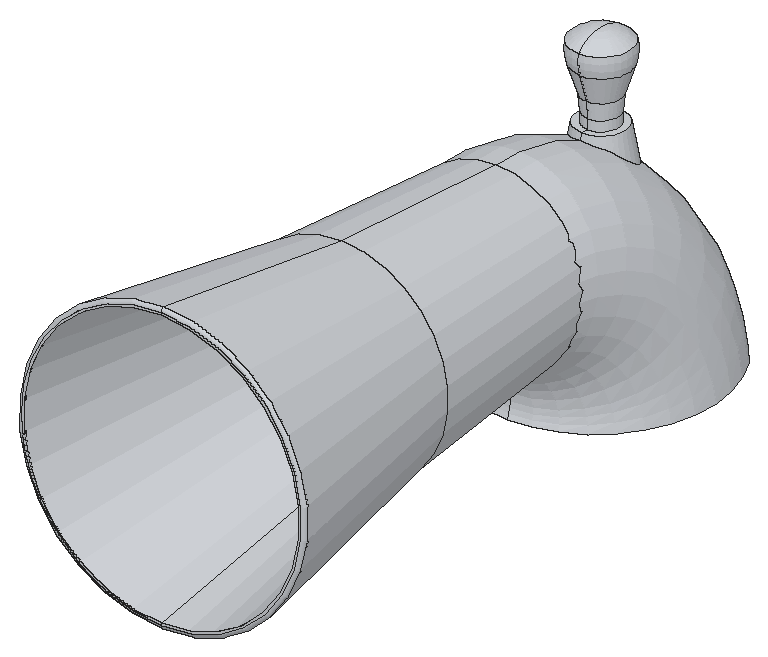
Revit family "S-1562", category Generic Models, host Wall, Revit 2023
Family settings
  Host = Wall
  Can host rebar = No
  Round Connector Dimension = Use Diameter
  Part Type = Normal
  Always vertical = Yes
  Cut with Voids When Loaded = No
  Maintain Annotation Orientation = No
  Shared = No
  Room Calculation Point = No
Parameters
  Material = Steel
  Default Elevation = 0' - 0"
Reference planes (in)
  plane 1: y = 0
  plane 2 "Center (Left/Right)": x = 0
  plane 3 "Wall Edge": y = 3
  plane 4: z = 1.4171
Text (in)
  text "Placement Side" at (-70.3804, 28.46503, 0), in view "Ref. Level"
Dimensions and locks (in)
  locked: plane 3 "Wall Edge" to host wall
  nested 1 to nested 1 = 0' - 2.64"  (x2)
  plane 3 "Wall Edge" to nested 1 = 0' - 6.09"
  plane 4 to nested 1 = 0' - 2 3/4"  (x2)
  nested 1 to plane 3 "Wall Edge" = 0' - 6.09"
Nested families (in)
  nested 1: "S-1561-F" at (0, 3, 0) x (-1, 0, 0) z (0, 1, 0), type "S-1561-F"
Definition of nested family "S-1561-F"
  Parameters (values of type "S-1561-F")
    Material = none
    Default Elevation = 4' - 0"
  Reference planes (in)
    plane 1 "Center (Front/Back)": y = 0
    plane 2: z = 0
    plane 3 "Center (Left/Right)": x = 0
    plane 4: y = -1.32
    plane 5: y = 1.32
  Forms (in)
    Extrusion 1, solid
      sketch origin (0, 0, 0) x (1, 0, 0) y (0, 1, 0)
        loop
          line (-48, 48) -> (-48, -48) -> (48, -48) -> (48, 48) -> (-48, 48)
      from 0 to -12
    Revolve 2, solid, material <- "Material"
      sketch origin (0, 0, 0) x (0, 1, 0) y (0, 0, 1)
        loop
          line (0, 0) -> (1.28424, 0)
          arc (1.28424, 0) -> (1.30771, 0.00863) -> (1.32, 0.03042) r 0.03623
          arc (1.32, 0.03042) -> (1.09609, 1.03897) -> (0.9716, 2.06455) r 10.5813
          arc (0.9716, 2.06455) -> (0.9014, 2.94854) -> (0.81831, 3.8314) r 60.81061
          line (0.81831, 3.8314) -> (0, 3.8314) -> (0, 0)
        axis (0, 0) -> (0, 3.8314)
      angle from 0 to 360
    SweptBlend 3, solid, material <- "Material"
      path origin (0, 0, 0.02427) x (0, 1, 0) y (0, 0, 1)
        loop
          arc (0, 3.66265) -> (-0.37795, 4.59617) -> (-1.2989, 5.0038) r 1.34184
      profile origin (0, 0, 3.68691) x (0, -1, 0) y (1, 0, 0)
        loop
          circle (0, 0) r 0.8125
      end profile origin (0, -1.2989, 5.02807) x (0, -0.032003, -0.999488) y (1, 0, 0)
        loop
          circle (0, 0) r 1.0625
    Revolve 4, void
      sketch origin (0, 0, 0) x (0, 1, 0) y (0, 0, 1)
        loop
          line (0, 0) -> (1.26354, 0)
          arc (1.26354, 0) -> (1.03571, 1.02131) -> (0.90926, 2.06006) r 10.6438
          arc (0.90926, 2.06006) -> (0.83886, 2.94629) -> (0.75549, 3.8314) r 60.74811
          line (0.75549, 3.8314) -> (0, 3.8314) -> (0, 0)
        axis (0, 0) -> (0, 3.8314)
      angle from 0 to 360
    SweptBlend 5, void
      path origin (0, 0, 0.02427) x (0, 1, 0) y (0, 0, 1)
        loop
          arc (0, 3.66265) -> (-0.37795, 4.59617) -> (-1.2989, 5.0038) r 1.34184
      profile origin (0, 0, 3.68691) x (0, -1, 0) y (1, 0, 0)
        loop
          circle (0, 0) r 0.75
      end profile origin (0, -1.2989, 5.02807) x (0, -0.032003, -0.999488) y (1, 0, 0)
        loop
          circle (0, 0) r 1
    Revolve 6, solid, material <- "Material"
      sketch origin (0, 0, 0) x (0, 1, 0) y (0, 0, 1)
        loop
          arc (1.4191, 5.03917) -> (1.39189, 5.18012) -> (1.31418, 5.3008) r 0.37866
          arc (1.31418, 5.3008) -> (1.22098, 5.30661) -> (1.12925, 5.28909) r 0.37316
          line (1.12925, 5.28909) -> (0.88388, 5.20936) -> (0.7328, 5.19348) -> (0.64283, 5.19348) -> (0.64283, 5.25873) -> (-0.15999, 5.40028) -> (-0.15999, 5.03917) -> (1.4191, 5.03917)
        axis (1.4191, 5.03917) -> (-0.15999, 5.03917)
      angle from 0 to 360
  Cuts and joins
    SweptBlend 5 cuts SweptBlend 3
    Revolve 4 cuts Revolve 2
  Dimensions and locks (in)
    aligned and locked: plane 2 to Extrusion 1
    aligned and locked: level to Extrusion 1
